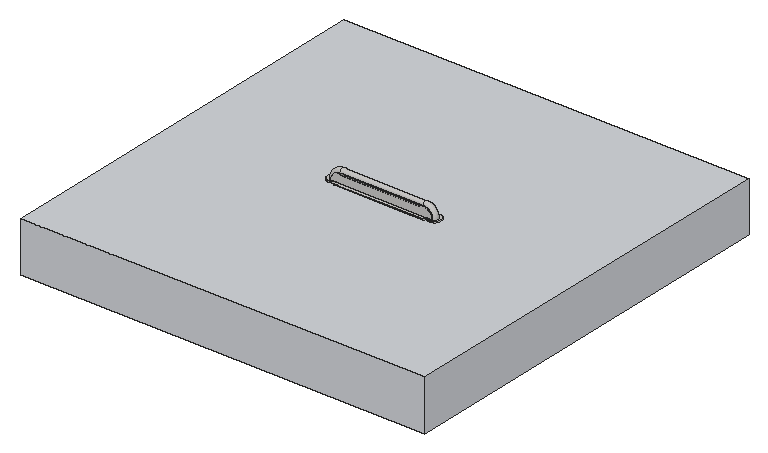
Revit family
Parameters (values of type "1109-1")
  Waste Connection = no
  WFU = 0
  Voltage = 0
  Vent Connection = no
  URL = "http://www.acorneng.com"
  Type Comments = ""
  Tempered Water Connection = no
  Revised Date = "09-19-12"
  Phone# = "626-336-4561"
  Model = "1109-1"
  Material = 304 Stainless Steel
  Manufacturer = "Acorn Engineering"
  HWFU = 0
  HW Connection = no
  Designed By = "ATS BIM Team"
  Description = "Grab Bars - Suicide Resistant"
  Default Elevation = 32 1/4"
  CWFU = 0
  CW Connection = no
  Assembly Code = ""
  Amperage = 0
Reference planes (in)
  plane 1 "Center (Front/Back)": y = 0
  plane 2: z = 0
  plane 3 "Center (Left/Right)": x = 0
  plane 4: x = -12
  plane 5: x = 12
  plane 6: z = 1.5
Forms (in)
  Extrusion 1, solid
    sketch origin (0, 0, 0) x (1, 0, 0) y (0, 1, 0)
      loop
        line (-48, 48) -> (-48, -48) -> (48, -48) -> (48, 48) -> (-48, 48)
    from 0 to -12
  Sweep 2, solid, material "304 Stainless Steel" <- "Material"
    path origin (0, 0, 0.75) x (1, 0, 0) y (0, 0, 1)
      loop
        arc (12, -0.625) -> (11.3776, 0.8776) -> (9.875, 1.5) r 2.125
        line (9.875, 1.5) -> (-9.875, 1.5)
        arc (-9.875, 1.5) -> (-11.3776, 0.8776) -> (-12, -0.625) r 2.125
    profile origin (9.875, 0, 2.25) x (0, 0, -1) y (0, -1, 0)
      loop
        circle (0, 0) r 0.75
  Extrusion 3, solid, material "304 Stainless Steel" <- "Material"
    sketch origin (0, 0, 0) x (1, 0, 0) y (0, 1, 0)
      loop
        circle (-12, 0) r 1.5
      loop
        circle (12, 0) r 1.5
    from 0 to 0.125
  Extrusion 4, solid, material "304 Stainless Steel" <- "Material"
    sketch origin (0, -0.8281, 0) x (1, 0, 0) y (0, 0, -1)
      loop
        line (-9.875, -2.25) -> (9.875, -2.25)
        arc (9.875, -2.25) -> (11.3776, -1.6276) -> (12, -0.125) r 2.125
        line (12, -0.125) -> (12, 0) -> (-12, 0) -> (-12, -0.125)
        arc (-12, -0.125) -> (-11.3776, -1.6276) -> (-9.875, -2.25) r 2.125
    from 0 to 0.0781
  Extrusion 5, solid, material "304 Stainless Steel" <- "Material"
    sketch origin (0, 0, 0) x (1, 0, 0) y (0, 1, 0)
      loop
        line (10.7493, -0.75) -> (-10.7493, -0.75) -> (-10.7493, -1.46875)
        arc (-10.7493, -1.46875) -> (-10.66692, -1.66762) -> (-10.46805, -1.75) r 0.28125
        line (-10.46805, -1.75) -> (10.46805, -1.75)
        arc (10.46805, -1.75) -> (10.66692, -1.66762) -> (10.7493, -1.46875) r 0.28125
        line (10.7493, -1.46875) -> (10.7493, -0.75)
    from 0 to 0.0781
Cuts and joins
  joined: Sweep 2, Extrusion 3, Extrusion 4, Extrusion 5
Dimensions and locks (in)
  plane 4 to plane 5 = 24"
  plane 2 to plane 6 = 1 1/2"
  aligned and locked: plane 2 to Extrusion 1
  aligned and locked: level to Extrusion 1
